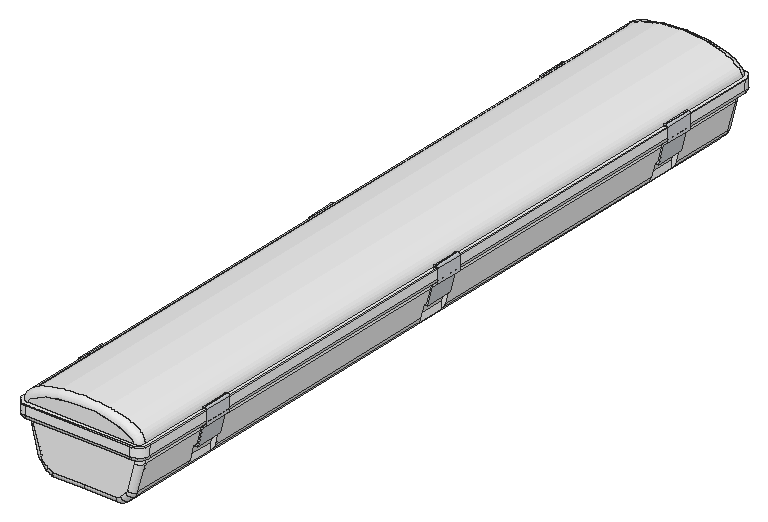
Revit family "0048815 Feilo Sylvania Lighting Fixture HYDROPROOF LED G3 600MM S 4K QC", category Lighting Fixtures, host Face, Revit 2016
Family settings
  Host = Face
  Part Type = Normal
  Round Connector Dimension = Use Diameter
  OmniClass Number = 23.80.70.11.14
  OmniClass Title = General Luminaries, Directional
  Cut with Voids When Loaded = No
  Light Source = Yes
  Shared = No
  Room Calculation Point = No
Parameters (values of type "0048815 HYDROPROOF LED G3 600MM S 4K QC  ")
  Width = 110 mm
  Weight = "1.12 kg"
  Wattage Comments = "n/a"
  Wattage = 14 W
  WarrantyStartDate [instance] = "n/a"
  WarrantyGuarantorParts = "n/a"
  WarrantyDurationUnit = "n/a"
  WarrantyDurationParts = "n/a"
  WarrantyDescription = "n/a"
  built-in parameter 1150110 = 1 (stored number, unit not read)
  Voltage = 230 V
  URL = "http://www.sylvania-lighting.com"
  TypeName = "HYDROPROOF LED G3 600MM S 4K QC"
  Type Image = <None>
  Type Comments = "n/a"
  built-in parameter 1114217 = 1 (stored number, unit not read)
  Tilt Angle = -90.00°
  built-in parameter 1150109 = 1 (stored number, unit not read)
  built-in parameter 1150134 = 12
  built-in parameter 1150113 = 1 (stored number, unit not read)
  SerialNumber [instance] = "n/a"
  ReflectorMaterial = none
  PowerFactor = 0
  PowerConsumption = "14 W"
  Photometric Web File = "0048815.ies"
  NominalWidth = 0 mm
  NominalLength = 665 mm
  NominalHeight = 78 mm
  Name = "HYDROPROOF LED G3 600MM S 4K QC"
  ModelReference = "HYDROPROOF LED G3 600MM S 4K QC"
  ModelNumber = "0048815"
  Model = "HYDROPROOF LED G3 600MM S 4K QC"
  Material = "grp housing, pmma diffuser"
  ManufacturerName = "Feilo Sylvania"
  Manufacturer = "Feilo Sylvania"
  LuminousEfficacy = "135 lm/W"
  built-in parameter 1150105 = 150.4 (stored number, unit not read)
  Lumens = 1890 lm
  LuminaireType = ""
  built-in parameter 1150115 = 1 (stored number, unit not read)
  LightOutputRatio = "n/a"
  built-in parameter 1150137 = (empty or 0)
  built-in parameter 1150139 = (empty or 0)
  Length = 665 mm
  LampsType = Lamp  # "LED"
  LampNominalLuminous = "1900 lm"
  LampMacAdamStep = "3"
  LampColourTemperature = "4000 K"
  LampColourRenderingIndex = "80"
  built-in parameter 1150112 = 1 (stored number, unit not read)
  built-in parameter 1150114 = 1 (stored number, unit not read)
  Lamp = "LED"
  Keynote = "16500"
  InstallationDate [instance] = "n/a"
  InputVoltage = "220-240V~"
  InputNominalFrequency = "50/60 Hz"
  built-in parameter 1150132 = (empty or 0)
  built-in parameter 1150102 = (empty or 0)
  built-in parameter 1150107 = 4000 (stored number, unit not read)
  built-in parameter 1150138 = (empty or 0)
  IngressProtection = "IP65"
  ImpactProtectionIndex = "IK02"
  built-in parameter 1150106 = 1.504 (stored number, unit not read)
  IfcExportType = "IfcLightFixtureType"
  IfcExportAs = "IfcLightFixtureType"
  ExpectedLife = 50000
  Emit from Rectangle Width = Width - 20 mm  # 90 mm
  Emit from Rectangle Length = Length - 20 mm  # 645 mm
  Emit Shape Visible in Rendering = no
  ElectricShockClassification = "Class I"
  built-in parameter 1150104 = 12.542 (stored number, unit not read)
  DurationUnit = "hours"
  DocumentationLiterature = "http://www.sylvania-lighting.com/product/en-int/products/0048815"
  DimmingControlOptions = "Non dimmable"
  Dimming Lamp Color Temperature Shift = <None>
  DiffuserMaterial = Diffuser-Sylvania-Transparent
  Description = "Hydroproof, integrated LED chemical resistant weatherproof luminaire with quick connector, with UV stabilized flat diffuser and linear prisms designed to achieve uniform lit appearance, optimise light output and to reduce glare, stainless steel diffuser clips and fixing brackets for surface and wall mounting. L 665 mm x W 110 mm x H 78 mm size, GRP housing, PMMA diffuser, Non dimmable,   4000K, CRI80,  1900 lm, 14 W, 135 lm/W, nominal average life (h):50000, energy class: A++ A+ A Class I,IK02, IP65."
  Default Elevation = 1219.2 mm
  CreatedOn = "3/27/2018"
  CreatedBy = "aron.fodor@feilosylvania.com"
  Cost = 0
  Color Filter = 16777215
  built-in parameter 1114216 [instance] = (empty or 0)
  ClassificationValue = "EF_70_80"
  ClassificationName = "Uniclass2015"
  BracketOffset_FEILO = 360 mm
  BodyMaterial = Body-Sylvania-Gray
  BarCode [instance] = "n/a"
  built-in parameter 1114218 = 1 (stored number, unit not read)
  built-in parameter 1150133 = 10 (stored number, unit not read)
  AssetType = "Fixed"
  AssetIdentifier [instance] = "n/a"
  Assembly Code = "D5020200"
  Apparent Load = 14 VA
  AccessoryMaterial = Diffuser-Sylvania-Glow
Reference planes
  plane 1 "Center (Front/Back)": y = 0
  plane 2: z = 0
  plane 3 "Center (Left/Right)": x = 0
  plane 4: z = 54
  plane 5: x = -27.7
  plane 6: x = -34.8
  plane 7: x = -39.6
  plane 8: x = -42.2
  plane 9: z = 3
  plane 10: z = 7.8
  plane 11: z = 12.3
  plane 12: z = 36.6
  plane 13: z = 42.8
  plane 14: x = -51.1
  plane 15: z = 46.2
  plane 16: x = -55
  plane 17: y = 332.5
  plane 18: y = -332.5
  plane 19: x = 27.7
  plane 20: x = 34.8
  plane 21: x = 39.6
  plane 22: x = 42.2
  plane 23: x = 51.1
  plane 24: x = 55
  plane 25: y = 324.9
  plane 26: y = -324.9
  plane 27: y = -321.2
  plane 28: y = 321.2
  plane 29: z = 74
  plane 30: x = -51.5
  plane 31: x = 51.5
  plane 32: z = 55.2
  plane 33: y = -329
  plane 34: y = 329
  plane 35: x = -37.5
  plane 36: x = 37.5
  plane 37: x = -48.7
  plane 38: x = 48.7
  plane 39: z = 50.2
  plane 40: z = 24.6
  plane 41: y = 720
  plane 42: y = 706
  plane 43: y = 734
  plane 44: y = 250
  plane 45: y = 236
  plane 46: y = 264
  plane 47: y = 0
  plane 48: y = -14
  plane 49: y = 14
  plane 50: y = -250
  plane 51: y = -264
  plane 52: y = -236
Forms (mm)
  Sweep 1, solid, material "Body-Sylvania-Gray" <- "BodyMaterial", detail levels medium+fine
    path origin (1223.4, -4572, 54) x (0, -1, 0) y (1, 0, 0)
      loop
        arc (-4249.5, -1278.4) -> (-4242.429, -1275.471) -> (-4239.5, -1268.4) r 10
        line (-4239.5, -1268.4) -> (-4239.5, -1178.4)
        arc (-4239.5, -1178.4) -> (-4242.429, -1171.329) -> (-4249.5, -1168.4) r 10
        line (-4249.5, -1168.4) -> (-4894.5, -1168.4)
        arc (-4894.5, -1168.4) -> (-4901.571, -1171.329) -> (-4904.5, -1178.4) r 10
        line (-4904.5, -1178.4) -> (-4904.5, -1268.4)
        arc (-4904.5, -1268.4) -> (-4901.571, -1275.471) -> (-4894.5, -1278.4) r 10
        line (-4894.5, -1278.4) -> (-4249.5, -1278.4)
    profile origin (-55, 0, 54) x (-1, 0, 0) y (0, 0, 1)
      loop
        line (0, 0) -> (-1, 0) -> (-1, -7.726)
        arc (-1, -7.726) -> (-1.994, -9.498) -> (-3.9, -10.2) r 2.937
        line (-3.9, -10.2) -> (-8.571, -10.2) -> (-8.571, -11.2) -> (-3.9, -11.2)
        arc (-3.9, -11.2) -> (-1.313, -10.231) -> (0, -7.8) r 3.937
        line (0, -7.8) -> (0, 0)
  Sweep 2, solid, material "Body-Sylvania-Gray" <- "BodyMaterial", detail levels medium+fine
    path origin (0, 0, 0) x (1, 0, 0) y (0, 0, 1)
      loop
        line (48.7, 42.8) -> (48.7, 36.6) -> (42.203, 12.31)
        arc (42.203, 12.31) -> (41.199, 9.884) -> (39.6, 7.8) r 10.052
        line (39.6, 7.8) -> (34.8, 3)
        arc (34.8, 3) -> (31.554, 0.781) -> (27.7, 0) r 9.902
        line (27.7, 0) -> (0, 0) -> (-27.7, 0)
        arc (-27.7, 0) -> (-31.554, 0.781) -> (-34.8, 3) r 9.902
        line (-34.8, 3) -> (-39.6, 7.8)
        arc (-39.6, 7.8) -> (-41.199, 9.884) -> (-42.203, 12.31) r 10.052
        line (-42.203, 12.31) -> (-48.7, 36.6) -> (-48.7, 42.8)
    profile origin (0, 0, 0) x (0, 0, -1) y (0, -1, 0)
      loop
        arc (0, 319.9) -> (-1.464, 323.436) -> (-5, 324.9) r 5
        line (-5, 324.9) -> (-7.8, 324.9) -> (-7.8, -324.9) -> (-5, -324.9)
        arc (-5, -324.9) -> (-1.464, -323.436) -> (0, -319.9) r 5
        line (0, -319.9) -> (0, 319.9)
  Extrusion 3, solid, material "Body-Sylvania-Gray" <- "BodyMaterial", detail levels medium+fine
    sketch origin (1524, 324.9, 1219.2) x (1, 0, 0) y (0, 0, 1)
      loop
        arc (-1558.668, -1204.874) -> (-1558.443, -1205.418) -> (-1558.085, -1205.885) r 2.252
        line (-1558.085, -1205.885) -> (-1553.231, -1210.738)
        arc (-1553.231, -1210.738) -> (-1552.534, -1211.227) -> (-1551.7, -1211.4) r 2.102
        line (-1551.7, -1211.4) -> (-1496.3, -1211.4)
        arc (-1496.3, -1211.4) -> (-1495.466, -1211.227) -> (-1494.769, -1210.738) r 2.102
        line (-1494.769, -1210.738) -> (-1489.915, -1205.885)
        arc (-1489.915, -1205.885) -> (-1489.557, -1205.418) -> (-1489.332, -1204.874) r 2.252
        line (-1489.332, -1204.874) -> (-1483.1, -1181.575) -> (-1483.1, -1176.4) -> (-1564.9, -1176.4) -> (-1564.9, -1181.575) -> (-1558.668, -1204.874)
    from 0 to 649.8
  Sweep 4, solid, material "Diffuser-Sylvania-Transparent" <- "DiffuserMaterial", detail levels medium+fine
    path origin (0, 0, 0) x (1, 0, 0) y (0, 0, 1)
      loop
        spline (-51.5, 55.2) -> (-49.745, 60.066) -> (-44.6, 64.6) -> (-36.416, 68.494) -> (-25.75, 71.481) -> (-13.329, 73.359) -> (0, 74) -> (13.329, 73.359) -> (25.75, 71.481) -> (36.416, 68.494) -> (44.6, 64.6) -> (49.745, 60.066) -> (51.5, 55.2)
    profile origin (51.5, 0, 55.2) x (0, -1, 0) y (1, 0, 0)
      loop
        arc (329, -5.5) -> (327.389, -1.611) -> (323.5, 0) r 5.5
        line (323.5, 0) -> (-323.5, 0)
        arc (-323.5, 0) -> (-327.389, -1.611) -> (-329, -5.5) r 5.5
        line (-329, -5.5) -> (-329, -6.3) -> (-328, -6.3) -> (-328, -5.5)
        arc (-328, -5.5) -> (-326.682, -2.318) -> (-323.5, -1) r 4.5
        line (-323.5, -1) -> (323.5, -1)
        arc (323.5, -1) -> (326.682, -2.318) -> (328, -5.5) r 4.5
        line (328, -5.5) -> (328, -6.347) -> (329, -6.347) -> (329, -5.5)
  Extrusion 5, solid, material "Diffuser-Sylvania-Transparent" <- "DiffuserMaterial", detail levels medium+fine
    sketch origin (1524, -329, 1219.2) x (1, 0, 0) y (0, 0, 1)
      loop
        line (-1569.653, -1164) -> (-1478.347, -1164)
        spline (-1478.347, -1164) -> (-1478.969, -1162.594) -> (-1482.527, -1159.545) -> (-1489.588, -1156.201) -> (-1499.458, -1153.445) -> (-1511.242, -1151.663) -> (-1524, -1151.049) -> (-1536.758, -1151.663) -> (-1548.542, -1153.445) -> (-1558.412, -1156.201) -> (-1565.473, -1159.545) -> (-1569.031, -1162.594) -> (-1569.653, -1164)
    from 0 to -1
  Extrusion 6, solid, material "Diffuser-Sylvania-Transparent" <- "DiffuserMaterial", detail levels medium+fine
    sketch origin (1524, 329, 1219.2) x (1, 0, 0) y (0, 0, 1)
      loop
        spline (-1478.3, -1164) -> (-1478.931, -1162.565) -> (-1482.502, -1159.505) -> (-1489.572, -1156.155) -> (-1499.446, -1153.394) -> (-1511.236, -1151.614) -> (-1524, -1151.007) -> (-1536.764, -1151.614) -> (-1548.554, -1153.394) -> (-1558.428, -1156.155) -> (-1565.498, -1159.505) -> (-1569.069, -1162.565) -> (-1569.7, -1164)
        line (-1569.7, -1164) -> (-1478.3, -1164)
    from 0 to 1
  Extrusion 7, solid, material "Diffuser-Sylvania-Transparent" <- "DiffuserMaterial", detail levels medium+fine
    sketch origin (1223.4, -4572, 55.2) x (0, -1, 0) y (-1, 0, 0)
      loop
        arc (-4900, 1177.4) -> (-4898.682, 1174.218) -> (-4895.5, 1172.9) r 4.5
        line (-4895.5, 1172.9) -> (-4248.5, 1172.9)
        arc (-4248.5, 1172.9) -> (-4245.318, 1174.218) -> (-4244, 1177.4) r 4.5
        line (-4244, 1177.4) -> (-4244, 1269.4)
        arc (-4244, 1269.4) -> (-4245.318, 1272.582) -> (-4248.5, 1273.9) r 4.5
        line (-4248.5, 1273.9) -> (-4895.5, 1273.9)
        arc (-4895.5, 1273.9) -> (-4898.682, 1272.582) -> (-4900, 1269.4) r 4.5
        line (-4900, 1269.4) -> (-4900, 1177.4)
      loop
        line (-4904.5, 1268.4) -> (-4904.5, 1178.4)
        arc (-4904.5, 1178.4) -> (-4901.571, 1171.329) -> (-4894.5, 1168.4) r 10
        line (-4894.5, 1168.4) -> (-4249.5, 1168.4)
        arc (-4249.5, 1168.4) -> (-4242.429, 1171.329) -> (-4239.5, 1178.4) r 10
        line (-4239.5, 1178.4) -> (-4239.5, 1268.4)
        arc (-4239.5, 1268.4) -> (-4242.429, 1275.471) -> (-4249.5, 1278.4) r 10
        line (-4249.5, 1278.4) -> (-4894.5, 1278.4)
        arc (-4894.5, 1278.4) -> (-4901.571, 1275.471) -> (-4904.5, 1268.4) r 10
    from 0 to 1.2
  Extrusion 8, solid, material "Diffuser-Sylvania-Glow" <- "AccessoryMaterial", detail levels fine
    sketch origin (0, 0, 0) x (1, 0, 0) y (0, 0, 1)
      loop
        circle (0, 50.2) r 8
    from -321.2 to 321.2
  Extrusion 9, solid, material "Body-Sylvania-Gray" <- "BodyMaterial", detail levels coarse
    sketch origin (0, 0, 0) x (1, 0, 0) y (0, 0, 1)
      loop
        line (55, 42.8) -> (55, 55.2) -> (-55, 55.2) -> (-55, 42.791) -> (-42.2, 0) -> (42.2, 0) -> (55, 42.8)
    from -332.5 to 332.5
  Extrusion 10, solid, material "Diffuser-Sylvania-Transparent" <- "DiffuserMaterial", detail levels coarse
    sketch origin (0, 0, 0) x (1, 0, 0) y (0, 0, 1)
      loop
        arc (51.5, 55.2) -> (0, 74) -> (-51.5, 55.2) r 79.939
        line (-51.5, 55.2) -> (51.5, 55.2)
    from 324.9 to -324.9
  Extrusion 11, void, not visible
    sketch origin (0, 720, 2343.807) x (0, 0, -1) y (-1, 0, 0)
      loop
        line (2340.807, -37.5) -> (2331.507, -37.5) -> (2319.207, -42.2) -> (2319.207, -48.7) -> (2340.807, -48.7) -> (2340.807, -37.5)
      loop
        line (2340.807, 37.5) -> (2340.807, 48.7) -> (2319.207, 48.7) -> (2319.207, 42.2) -> (2331.507, 37.5) -> (2340.807, 37.5)
    from -14 to 14
  Extrusion 12, void
    sketch origin (0, 250, 2343.807) x (0, 0, -1) y (-1, 0, 0)
      loop
        line (2340.807, -37.5) -> (2331.507, -37.5) -> (2319.207, -42.2) -> (2319.207, -48.7) -> (2340.807, -48.7) -> (2340.807, -37.5)
      loop
        line (2340.807, 37.5) -> (2340.807, 48.7) -> (2319.207, 48.7) -> (2319.207, 42.2) -> (2331.507, 37.5) -> (2340.807, 37.5)
    from -14 to 14
  Extrusion 13, void
    sketch origin (0, 0, 2343.807) x (0, 0, -1) y (-1, 0, 0)
      loop
        line (2340.807, -37.5) -> (2331.507, -37.5) -> (2319.207, -42.2) -> (2319.207, -48.7) -> (2340.807, -48.7) -> (2340.807, -37.5)
      loop
        line (2340.807, 37.5) -> (2340.807, 48.7) -> (2319.207, 48.7) -> (2319.207, 42.2) -> (2331.507, 37.5) -> (2340.807, 37.5)
    from -14 to 14
  Extrusion 14, void
    sketch origin (0, -250, 2343.807) x (0, 0, -1) y (-1, 0, 0)
      loop
        line (2340.807, -37.5) -> (2331.507, -37.5) -> (2319.207, -42.2) -> (2319.207, -48.7) -> (2340.807, -48.7) -> (2340.807, -37.5)
      loop
        line (2340.807, 37.5) -> (2340.807, 48.7) -> (2319.207, 48.7) -> (2319.207, 42.2) -> (2331.507, 37.5) -> (2340.807, 37.5)
    from -14 to 14
Cuts and joins
  Extrusion 12, Extrusion 13, Extrusion 14 cuts Sweep 2
  Extrusion 12, Extrusion 13, Extrusion 14 cuts Extrusion 3
  joined: Sweep 2, Extrusion 3
  joined: Sweep 4, Extrusion 5, Extrusion 6
Dimensions and locks
  locked: plane 4 to plane 2 at 54
  plane 5 to plane 6 to plane 7 to plane 8 to plane 14 to plane 16 = 7.1 mm locked, 4.8 mm locked, 2.6 mm locked, 8.9 mm, 3.9 mm
  plane 4 to plane 15 to plane 13 to plane 12 to plane 11 to plane 10 to plane 9 = 7.8 mm locked, 3.4 mm, 6.2 mm locked, 24.3 mm locked, 4.5 mm locked, 4.8 mm locked
  equal spacing: plane 18, plane 1 "Center (Front/Back)", plane 17
  "Length": plane 18 to plane 17
  plane 19 to plane 20 to plane 21 to plane 22 to plane 23 to plane 24 = 7.1 mm locked, 4.8 mm locked, 2.6 mm locked, 8.9 mm, 3.9 mm
  equal spacing: plane 24, plane 3 "Center (Left/Right)", plane 16
  "Width": plane 24 to plane 16
  equal spacing: plane 27, plane 1 "Center (Front/Back)", plane 28
  locked: plane 26 to plane 27 at 3.7
  locked: Sweep 1 sketch curve to profile plane at 1
  locked: Sweep 1 sketch curve to plane 13 at 1
  locked: Sweep 1 sketch curve to plane 13 at 3.937  (x2)
  locked: Sweep 1 sketch curve to profile plane at 3.9  (x2)
  locked: plane 29 to plane 4 at 20
  equal spacing: plane 31, plane 3 "Center (Left/Right)", plane 30
  locked: plane 30 to plane 16 at 3.5
  locked: plane 32 to plane 4 at 1.2
  equal spacing: plane 33, plane 1 "Center (Front/Back)", plane 34
  equal spacing: plane 36, plane 3 "Center (Left/Right)", plane 35
  locked: plane 3 "Center (Left/Right)" to plane 35 at 37.5
  locked: plane 34 to plane 17 at 3.5
  equal spacing: plane 38, plane 3 "Center (Left/Right)", plane 37
  locked: plane 37 to plane 16 at 6.3
  equal spacing: plane 25, plane 1 "Center (Front/Back)", plane 26
  locked: plane 17 to plane 25 at 7.6
  locked: Sweep 2 sketch curve to plane 2 at 5  (x2)
  locked: Sweep 2 sketch curve to plane 26 at 5
  locked: plane 25 to Sweep 2 sketch curve at 5
  locked: Sweep 4 sketch curve to plane 31 at 5.5  (x2)
  locked: Sweep 4 sketch curve to plane 34 at 5.5
  plane 33 to Sweep 4 sketch curve = 5.5 mm
  locked: plane 34 to Sweep 4 sketch curve at 1
  locked: Sweep 4 sketch curve to plane 31 at 1
  locked: Sweep 4 sketch curve to Sweep 4 sketch curve at 1
  locked: Sweep 4 sketch curve to plane 31 at 6.347
  locked: Sweep 4 sketch curve to plane 31 at 6.3
  locked: plane 40 to plane 2 at 24.6
  plane 43 to plane 41 to plane 42 = 14 mm locked, 14 mm locked
  plane 46 to plane 44 to plane 45 = 14 mm locked, 14 mm locked
  plane 49 to plane 47 to plane 48 = 14 mm locked, 14 mm locked
  plane 52 to plane 50 to plane 51 = 14 mm locked, 14 mm locked
  equal spacing: plane 44, plane 1 "Center (Front/Back)", plane 50
  locked: plane 44 to plane 1 "Center (Front/Back)" at 250
  aligned and locked: plane 2 to host face
  aligned and locked: level to host face
  aligned and locked: plane 16 to Sweep 1 sketch curve
  aligned and locked: Sweep 1 sketch curve to plane 24
  aligned and locked: plane 18 to Sweep 1 sketch curve
  aligned and locked: Sweep 1 sketch curve to plane 13
  aligned and locked: profile plane to Sweep 1 sketch curve
  aligned and locked: plane 3 "Center (Left/Right)" to Sweep 2 sketch curve
  aligned and locked: plane 9 to Sweep 2 sketch curve
  aligned and locked: plane 10 to Sweep 2 sketch curve
  aligned and locked: plane 37 to Sweep 2 sketch curve
  aligned and locked: plane 12 to Sweep 2 sketch curve
  aligned and locked: Sweep 2 sketch curve to level
  aligned and locked: plane 21 to Sweep 2 sketch curve
  aligned and locked: plane 38 to Sweep 2 sketch curve
  aligned and locked: profile plane to Sweep 2 sketch curve
  aligned and locked: plane 25 to Sweep 2 sketch curve
  aligned and locked: Sweep 2 sketch curve to plane 10
  aligned and locked: Extrusion 3 sketch curve to Sweep 2  (x7)
  aligned and locked: Sweep 2 to Extrusion 3 sketch curve
  aligned and locked: Extrusion 3 to plane 25
  aligned and locked: plane 26 to Extrusion 3
  aligned and locked: plane 32 to Sweep 4 sketch curve
  aligned and locked: plane 33 to Sweep 4 sketch curve
  aligned and locked: Sweep 4 to Extrusion 5
  aligned and locked: plane 33 to Extrusion 5
  aligned and locked: Extrusion 5 sketch curve to Sweep 4
  aligned and locked: cut or joined group of Sweep 4, Extrusion 5, Extrusion 6 to Extrusion 6 sketch curve
  aligned and locked: Extrusion 7 sketch curve to cut or joined group of Sweep 4, Extrusion 5, Extrusion 6  (x2)
  aligned and locked: cut or joined group of Sweep 4, Extrusion 5, Extrusion 6 to Extrusion 7 sketch curve  (x2)
  aligned and locked: plane 39 to Extrusion 8 sketch curve
  aligned and locked: plane 27 to Extrusion 8
  aligned and locked: Extrusion 8 to plane 28
  aligned and locked: Extrusion 7 sketch curve to Sweep 1  (x4)
  aligned and locked: plane 4 to Extrusion 7
  aligned and locked: Extrusion 7 to plane 32
  aligned and locked: Extrusion 9 sketch curve to plane 24
  aligned and locked: Extrusion 9 sketch curve to Extrusion 7
  aligned and locked: plane 8 to Extrusion 9 sketch curve
  aligned and locked: plane 22 to Extrusion 9 sketch curve
  aligned and locked: level to Extrusion 9 sketch curve
  aligned and locked: Extrusion 9 to plane 17
  aligned and locked: plane 18 to Extrusion 9
  aligned and locked: cut or joined group of Sweep 4, Extrusion 5, Extrusion 6 to Extrusion 10 sketch curve
  aligned and locked: Extrusion 10 sketch curve to cut or joined group of Sweep 4, Extrusion 5, Extrusion 6  (x2)
  aligned and locked: plane 31 to Extrusion 10 sketch curve
  aligned and locked: plane 30 to Extrusion 10 sketch curve
  aligned and locked: plane 26 to Extrusion 10
  aligned and locked: Extrusion 10 to plane 25
  aligned and locked: imposter light to plane 29
  aligned and locked: plane 3 "Center (Left/Right)" to imposter light
  aligned and locked: plane 1 "Center (Front/Back)" to imposter light
  aligned and locked: plane 45 to Extrusion 12
  aligned and locked: Extrusion 12 to plane 46
  aligned and locked: plane 48 to Extrusion 13
  aligned and locked: Extrusion 13 to plane 49
  aligned and locked: plane 51 to Extrusion 14
  aligned and locked: Extrusion 14 to plane 52
  aligned and locked: nested 1 to plane 44
  aligned and locked: plane 44 to nested 6
  aligned and locked: nested 2 to plane 47
  aligned and locked: plane 47 to nested 5
  aligned and locked: nested 3 to plane 50
  aligned and locked: plane 50 to nested 4
  aligned and locked: plane 47 to plane 1 "Center (Front/Back)"
  aligned and locked: plane 3 "Center (Left/Right)" to Extrusion 8 sketch curve
Automatic sketch dimensions
  host sketch curve to host sketch curve = 2438.4 mm  (x2)
  plane 17 to Sweep 1 sketch curve = 0 mm
  Sweep 1 sketch curve to plane 28 = 1.3 mm
  Sweep 1 sketch curve to plane 7 = 5.4 mm
  plane 27 to Sweep 1 sketch curve = 1.3 mm  (x2)
  Sweep 1 sketch curve to Sweep 1 sketch curve = 4.671 mm
  Sweep 1 sketch curve to plane 4 = 0 mm
  Sweep 2 sketch curve to plane 7 = 0 mm
  Sweep 2 sketch curve to plane 6 = 0 mm
  Sweep 2 sketch curve to plane 5 = 0 mm
  plane 19 to Sweep 2 sketch curve = 0 mm
  Sweep 2 sketch curve to plane 9 = 0 mm
  plane 20 to Sweep 2 sketch curve = 0 mm
  Sweep 2 sketch curve to plane 12 = 0 mm
  Sweep 2 sketch curve to plane 10 = 0 mm
  Sweep 2 sketch curve to plane 13 = 0 mm  (x2)
  Sweep 2 sketch curve to plane 8 = 0.003 mm
  plane 6 to Sweep 2 sketch curve = 2.308 mm
  plane 20 to Sweep 2 sketch curve = 2.308 mm
  Sweep 2 sketch curve to plane 22 = 0.003 mm
  Sweep 2 sketch curve to plane 11 = 0.01 mm  (x2)
  Extrusion 3 sketch curve to plane 5 = 0 mm
  plane 19 to Extrusion 3 sketch curve = 0 mm
  plane 6 to Extrusion 3 sketch curve = 0.132 mm
  plane 6 to Extrusion 3 sketch curve = 0.715 mm
  Extrusion 3 sketch curve to Extrusion 3 sketch curve = 1.592 mm
  Extrusion 3 sketch curve to plane 10 = 0.662 mm  (x2)
  plane 20 to Extrusion 3 sketch curve = 2.308 mm
  plane 20 to Extrusion 3 sketch curve = 0.715 mm
  plane 20 to Extrusion 3 sketch curve = 0.132 mm
  Sweep 4 sketch curve to plane 30 = 0 mm
  Sweep 4 sketch curve to plane 3 "Center (Left/Right)" = 0 mm
  Sweep 4 sketch curve to Sweep 4 sketch curve = 0 mm  (x2)
  plane 37 to Extrusion 5 sketch curve = 3.047 mm
  Extrusion 5 sketch curve to plane 38 = 3.047 mm
  plane 37 to Extrusion 6 sketch curve = 3 mm
  Extrusion 6 sketch curve to plane 38 = 3 mm
  plane 25 to Extrusion 7 sketch curve = 1.4 mm  (x2)
  Extrusion 7 sketch curve to plane 26 = 1.4 mm  (x2)
  Extrusion 9 sketch curve to plane 13 = 0 mm
  plane 13 to Extrusion 9 sketch curve = 0.009 mm
  Extrusion 10 sketch curve to level = 5.939 mm
  Extrusion 9 sketch curve to plane 16 = 0 mm
  Extrusion 11 sketch curve to Extrusion 11 sketch curve = 0 mm
  Extrusion 11 sketch curve to Extrusion 11 sketch curve = 12.3 mm  (x2)
  Extrusion 11 sketch curve to Extrusion 11 sketch curve = 9.3 mm  (x2)
  Extrusion 11 sketch curve to Extrusion 11 sketch curve = 6.5 mm
  Extrusion 11 sketch curve to Extrusion 11 sketch curve = 4.7 mm  (x2)
  Extrusion 11 sketch curve to Extrusion 11 sketch curve = 75 mm
  Extrusion 11 sketch curve to Extrusion 11 sketch curve = 11.2 mm
  Extrusion 12 sketch curve to Extrusion 12 sketch curve = 0 mm
  Extrusion 12 sketch curve to Extrusion 12 sketch curve = 12.3 mm  (x2)
  Extrusion 12 sketch curve to Extrusion 12 sketch curve = 9.3 mm  (x2)
  Extrusion 12 sketch curve to Extrusion 12 sketch curve = 6.5 mm
  Extrusion 12 sketch curve to Extrusion 12 sketch curve = 4.7 mm  (x2)
  Extrusion 12 sketch curve to Extrusion 12 sketch curve = 75 mm
  Extrusion 12 sketch curve to Extrusion 12 sketch curve = 11.2 mm
  Extrusion 13 sketch curve to Extrusion 13 sketch curve = 0 mm
  Extrusion 13 sketch curve to Extrusion 13 sketch curve = 12.3 mm  (x2)
  Extrusion 13 sketch curve to Extrusion 13 sketch curve = 9.3 mm  (x2)
  Extrusion 13 sketch curve to Extrusion 13 sketch curve = 6.5 mm
  Extrusion 13 sketch curve to Extrusion 13 sketch curve = 4.7 mm  (x2)
  Extrusion 13 sketch curve to Extrusion 13 sketch curve = 75 mm
  Extrusion 13 sketch curve to Extrusion 13 sketch curve = 11.2 mm
  Extrusion 14 sketch curve to Extrusion 14 sketch curve = 0 mm
  Extrusion 14 sketch curve to Extrusion 14 sketch curve = 12.3 mm  (x2)
  Extrusion 14 sketch curve to Extrusion 14 sketch curve = 9.3 mm  (x2)
  Extrusion 14 sketch curve to Extrusion 14 sketch curve = 6.5 mm
  Extrusion 14 sketch curve to Extrusion 14 sketch curve = 4.7 mm  (x2)
  Extrusion 14 sketch curve to Extrusion 14 sketch curve = 75 mm
  Extrusion 14 sketch curve to Extrusion 14 sketch curve = 11.2 mm
  radius of Extrusion 8 sketch curve = 8 mm
Nested families
  nested 1: "Clip" at (-42.2, 250, 24.6) x (-1, 0, 0) z (0, 0, 1), type "Clip", detail levels fine
  nested 2: "Clip" at (-42.2, 0, 24.6) x (-1, 0, 0) z (0, 0, 1), type "Clip", detail levels fine
  nested 3: "Clip" at (-42.2, -250, 24.6) x (-1, 0, 0) z (0, 0, 1), type "Clip", detail levels fine
  nested 4: "Clip" at (42.2, -250, 24.6), type "Clip", detail levels fine
  nested 5: "Clip" at (42.2, 0, 24.6), type "Clip", detail levels fine
  nested 6: "Clip" at (42.2, 250, 24.6), type "Clip", detail levels fine
Connectors
  electrical at (0, 0, 0), driven by "Apparent Load"
    settings: index 1, voltage 230 V, apparent load 14 VA, apparent load phase1 0 VA, apparent load phase2 0 VA, apparent load phase3 0 VA, power factor 0, load classification "Lighting", number of poles 1, system type 30, power factor state 1, is connector primary yes, connector utility no, sub classification motor no, connector description ""
Definition of nested family "Clip"
  Parameters (values of type "Clip")
    URL = "http://www.feilosylvania.com"
    Type Comments = "n/a"
    Model = "n/a"
    Manufacturer = "Feilo Sylvania"
    Keynote = "n/a"
    Description = "n/a"
    Default Elevation = 1219.2 mm
    Cost = 0
    BodyMaterial = none
    Assembly Code = "n/a"
  Reference planes
    plane 1 "Center (Front/Back)": y = 0
    plane 2: z = 0
    plane 3 "Center (Left/Right)": x = 0
    plane 4: x = 3.3
    plane 5: x = 6.5
    plane 6: x = 8.9
    plane 7: x = 12.8
    plane 8: z = 12
    plane 9: z = 18.2
    plane 10: z = 21.6
    plane 11: z = 30.6
    plane 12: x = 9.3
    plane 13: z = 19.2
    plane 14: z = 16.2
    plane 15: x = 10.1
    plane 16: y = 12
    plane 17: y = -12
  Forms (mm)
    Extrusion 1, solid
      sketch origin (-0.8, 0, 0) x (1, 0, 0) y (0, 1, 0)
        loop
          line (-1219.2, 1219.2) -> (-1219.2, -1219.2) -> (1219.2, -1219.2) -> (1219.2, 1219.2) -> (-1219.2, 1219.2)
      from 0 to -304.8
    Extrusion 2, solid
      sketch origin (0, 0, 0) x (1, 0, 0) y (0, 0, 1)
        loop
          line (8.9, 16.2) -> (4.58, 0) -> (0, 0) -> (0, -0.8) -> (5.195, -0.8) -> (9.603, 15.731) -> (13.6, 18.806) -> (13.6, 30.6)
          arc (13.6, 30.6) -> (11.45, 32.75) -> (9.3, 30.6) r 2.15
          line (9.3, 30.6) -> (10.1, 30.6)
          arc (10.1, 30.6) -> (11.45, 31.95) -> (12.8, 30.6) r 1.35
          line (12.8, 30.6) -> (12.8, 19.2) -> (8.9, 16.2)
      from -12 to 12
  Lines and regions (mm)
    reference lines
      curve 1: line (3.3, 0, 0) -> (6.5, 0, 12)
      curve 2: arc (8.9, 0, 18.2) -> (11.488, 0, 19.169) -> (12.8, 0, 21.6) r 3.934
  Dimensions and locks
    plane 7 to plane 6 to plane 5 to plane 4 to plane 3 "Center (Left/Right)" = 3.9 mm locked, 2.4 mm locked, 3.2 mm locked, 3.3 mm locked
    plane 11 to plane 10 to plane 9 to plane 8 to plane 2 = 9 mm locked, 3.4 mm locked, 6.2 mm locked, 12 mm locked
    locked: plane 7 to plane 12 at 3.5
    locked: plane 13 to plane 9 at 1
    locked: plane 9 to plane 14 at 2
    locked: plane 15 to plane 12 at 0.8
    locked: plane 2 to Extrusion 2 sketch curve at 0.8
    locked: Extrusion 2 sketch curve to Extrusion 2 sketch curve at 0.8  (x3)
    locked: plane 7 to Extrusion 2 sketch curve at 1.35
    equal spacing: plane 17, plane 1 "Center (Front/Back)", plane 16
    locked: plane 1 "Center (Front/Back)" to plane 16 at 12
    aligned and locked: plane 2 to Extrusion 1
    aligned and locked: level to Extrusion 1
    aligned and locked: plane 4 to curve 1
    aligned and locked: plane 5 to curve 1
    aligned and locked: plane 6 to curve 2
    aligned and locked: plane 10 to curve 2
    aligned and locked: plane 14 to Extrusion 2 sketch curve
    aligned and locked: plane 13 to Extrusion 2 sketch curve
    aligned and locked: plane 7 to Extrusion 2 sketch curve
    aligned and locked: plane 3 "Center (Left/Right)" to Extrusion 2 sketch curve
    aligned and locked: Extrusion 2 sketch curve to level
    aligned and locked: Extrusion 2 sketch curve to plane 11
    aligned and locked: plane 11 to Extrusion 2 sketch curve
    aligned and locked: Extrusion 2 to plane 16
    aligned and locked: plane 17 to Extrusion 2
  Automatic sketch dimensions
    Extrusion 1 sketch curve to Extrusion 1 sketch curve = 2438.4 mm  (x2)
    curve 2 to plane 7 = 0 mm
    curve 1 to level = 0 mm
    curve 1 to plane 8 = 0 mm
    curve 2 to plane 9 = 0 mm
    plane 6 to curve 2 = 0.002 mm
    Extrusion 2 sketch curve to Extrusion 2 sketch curve = 0 mm
    Extrusion 2 sketch curve to plane 6 = 0 mm
    plane 4 to Extrusion 2 sketch curve = 1.28 mm
